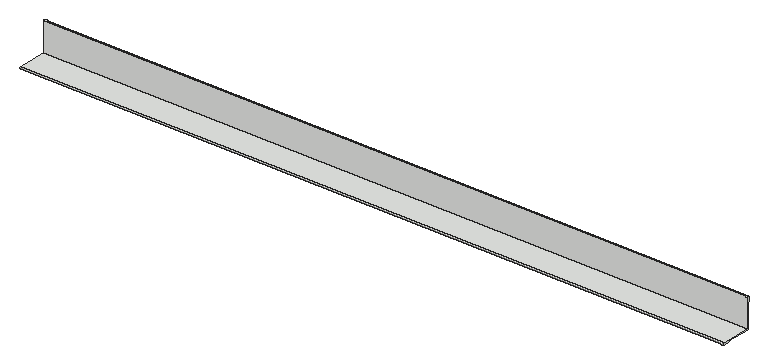
Revit family "profiles PR310 2015", category Generic Models, Revit 2015
Parameters (values of type "ISOLAMIN PR310 flashing")
  Profile Length [instance] = 1180 mm
Reference planes
  plane 1 "Center (Front/Back)": y = 0
  plane 2: z = 0
  plane 3 "Center (Left/Right)": x = 0
  plane 4: x = 1180
Forms (mm)
  Extrusion 1, solid, material "ISOLAMIN Surface Material"
    sketch origin (0, 10.767, -13.683) x (0, 1, 0) y (0, 0, 1)
      loop
        line (-12.977, 15.685) -> (-61.233, 15.685)
        arc (-61.233, 15.685) -> (-61.977, 14.685) -> (-61.233, 13.685) r 1.044
        line (-61.233, 13.685) -> (-52.677, 13.685) -> (-52.677, 14.685) -> (-12.677, 14.685)
        arc (-12.677, 14.685) -> (-12.182, 14.89) -> (-11.977, 15.385) r 0.7
        line (-11.977, 15.385) -> (-11.977, 55.385) -> (-10.977, 55.385) -> (-10.977, 63.941)
        arc (-10.977, 63.941) -> (-11.977, 64.685) -> (-12.977, 63.941) r 1.044
        line (-12.977, 63.941) -> (-12.977, 15.685)
    from 0 to 1180
Dimensions and locks
  "Profile Length": plane 3 "Center (Left/Right)" to plane 4
  aligned and locked: level to plane 2
  aligned and locked: Extrusion 1 to plane 3 "Center (Left/Right)"
  aligned and locked: plane 4 to Extrusion 1
Automatic sketch dimensions
  level to Extrusion 1 sketch curve = 1.002 mm
  plane 1 "Center (Front/Back)" to Extrusion 1 sketch curve = 41.91 mm
  Extrusion 1 sketch curve to Extrusion 1 sketch curve = 8.556 mm  (x2)
  plane 1 "Center (Front/Back)" to Extrusion 1 sketch curve = 2.21 mm
  Extrusion 1 sketch curve to Extrusion 1 sketch curve = 0.3 mm  (x3)
  Extrusion 1 sketch curve to Extrusion 1 sketch curve = 1 mm  (x4)
  Extrusion 1 sketch curve to Extrusion 1 sketch curve = 0 mm
  Extrusion 1 sketch curve to Extrusion 1 sketch curve = 48.256 mm
  Extrusion 1 sketch curve to Extrusion 1 sketch curve = 0.7 mm
